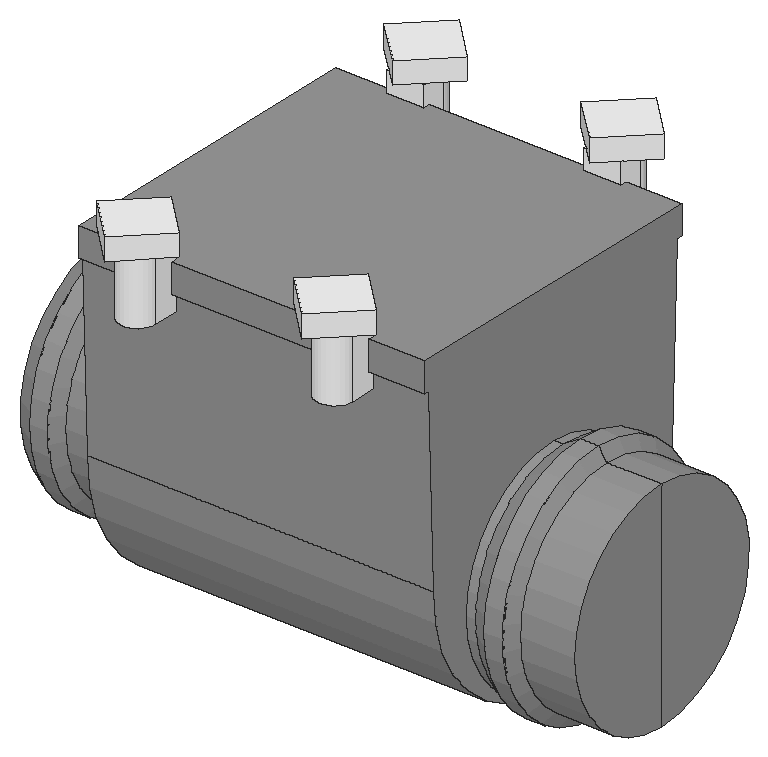
Revit family "HL_Механический канализационный затвор_HL710", category Příslušenství trubek, Revit 2016
Family settings
  Typ součásti = Zalomí se do
  Kóta kulaté spojky = Použít průměr
  Číslo OmniClass = 23.65.55.14.21
  Nadpis OmniClass = Non-Return Valves for Liquid Services
  Založené na pracovní rovině = Ne
  Vždy vertikální = Ano
  Ořezat dutým tvarem při načtení = Ne
  Sdílené = Ne
Parameters (values of type "HL_Механический канализационный затвор_HL710")
  РАЗМЕР = "DN110"
  ПРОПУСКНАЯ СПОСОБНОСТЬ [instance] = 0.0 m³/h
  ПРАВОВАЯ ИНФОРМАЦИЯ = "\"Авторские права(©), права на дизайн или какие либо другие права интелектуальной собственности являются исключительной собственностью компании HL Hutterer & Lechner. Изменению не подлежит. Файл семейства с данными о прозводителе изделия защищен паролем с водяным знаком.\""
  ПАДЕНИЕ ДАВЛЕНИЯ [instance] = 0.0 Pa
  НОМИНАЛЬНЫЙ ДИАМЕТР 2 = 110 mm
  НОМИНАЛЬНЫЙ ДИАМЕТР = 110 mm
  МАТЕРИАЛ = "ABS"
  ВЫСОТА МОНТАЖА = "220 mm"
  ВЕС = "1,556 kg"
  Výrobce = "HL Hutterer & Lechner GmbH"
  URL = "http://www.hutterer-lechner.com/ru/products/catalog/roof-drains/HL710.aspx"
  Popis = "Механический канализационный затвор"
  Model = "HL710"
  Komentáře k typům = "Механический канализационный затвор DN110 с заслонкой из нержавеющей стали"
  Keynote = "HL710"
  EAN = "9003076907106"
  Cena = 0
Types (2, lengths in mm): name | URL | Popis | Komentáře k typům
  (no name) | "http://www.hutterer-lechner.com/en/products/catalog/roof-drains/HL710.aspx" | "Anti flood valves" | "anti-flood valve DN110 with stainless steel flap"
  HL_Механический канализационный затвор_HL710 | "http://www.hutterer-lechner.com/ru/products/catalog/roof-drains/HL710.aspx" | "Механический канализационный затвор" | "Механический канализационный затвор DN110 с заслонкой из нержавеющей стали"
Values of the unnamed type that differ from the named types
  ПРАВОВАЯ ИНФОРМАЦИЯ = "\"Copyright (©), design rights or any other intellectual property rights, shall be the exclusive property of HL Hutterer & Lechner GmbH. Modification is not allowed. Family has been watermarked.\""
Reference planes
  plane 1 "Střed (vpředu/vzadu)": y = 0
  plane 2: z = 0
  plane 3 "Střed (vlevo/vpravo)": x = 0
Forms (mm)
  Sweep 1, solid, material "Plastic - Orange", detail levels fine
    path origin (99.75, 0, 0) x (1, 0, 0) y (0, 1, 0)
      loop
        line (94.75, 0) -> (-94.75, 0)
    profile origin (99.75, 0, 0) x (0, -1, 0) y (0, 0, 1)
      loop
        line (0, 123.14) -> (-88.191, 123.14) -> (-88.191, 107.14) -> (-85.007, 107.14) -> (-81.517, 7.201)
        arc (-81.517, 7.201) -> (-58.546, -51.791) -> (0, -75.877) r 80.412
        arc (0, -75.877) -> (58.546, -51.791) -> (81.517, 7.201) r 80.412
        line (81.517, 7.201) -> (85.007, 107.14) -> (88.191, 107.14) -> (88.191, 123.14) -> (0, 123.14)
  Extrusion 2, solid, material "Plactic - White", detail levels fine
    sketch origin (99.75, 0, 123.14) x (1, 0, 0) y (0, 1, 0)
      loop
        line (54, -121.127) -> (76.627, -98.5) -> (54, -75.873) -> (31.373, -98.5) -> (54, -121.127)
    from 11.235 to 23.235
  Extrusion 3, solid, material "Plactic - White", detail levels fine
    sketch origin (99.75, 0, 134.375) x (0, 1, 0) y (1, 0, 0)
      loop
        arc (-98.5, 64) -> (-108.5, 54) -> (-98.5, 44) r 10
        line (-98.5, 44) -> (-84.694, 44) -> (-84.694, 64) -> (-98.5, 64)
    from 0 to 37.235
  Extrusion 4, solid, material "Plactic - White", detail levels fine
    sketch origin (-8.25, 0, 123.14) x (1, 0, 0) y (0, 1, 0)
      loop
        line (54, -121.127) -> (76.627, -98.5) -> (54, -75.873) -> (31.373, -98.5) -> (54, -121.127)
    from 11.235 to 23.235
  Extrusion 5, solid, material "Plactic - White", detail levels fine
    sketch origin (-8.25, 0, 134.375) x (0, 1, 0) y (1, 0, 0)
      loop
        arc (-98.5, 64) -> (-108.5, 54) -> (-98.5, 44) r 10
        line (-98.5, 44) -> (-84.694, 44) -> (-84.694, 64) -> (-98.5, 64)
    from 0 to 37.235
  Extrusion 6, solid, material "Plactic - White", detail levels fine
    sketch origin (99.75, 0, 123.14) x (1, 0, 0) y (0, 1, 0)
      loop
        line (54, 121.127) -> (31.373, 98.5) -> (54, 75.873) -> (76.627, 98.5) -> (54, 121.127)
    from 11.235 to 23.235
  Extrusion 7, solid, material "Plactic - White", detail levels fine
    sketch origin (99.75, 0, 134.375) x (0, -1, 0) y (1, 0, 0)
      loop
        arc (-98.5, 64) -> (-108.5, 54) -> (-98.5, 44) r 10
        line (-98.5, 44) -> (-84.694, 44) -> (-84.694, 64) -> (-98.5, 64)
    from 0 to 37.235
  Extrusion 8, solid, material "Plactic - White", detail levels fine
    sketch origin (-8.25, 0, 123.14) x (1, 0, 0) y (0, 1, 0)
      loop
        line (54, 121.127) -> (31.373, 98.5) -> (54, 75.873) -> (76.627, 98.5) -> (54, 121.127)
    from 11.235 to 23.235
  Extrusion 9, solid, material "Plactic - White", detail levels fine
    sketch origin (-8.25, 0, 134.375) x (0, 1, 0) y (1, 0, 0)
      loop
        line (98.5, 64) -> (84.694, 64) -> (84.694, 44) -> (98.5, 44)
        arc (98.5, 44) -> (108.5, 54) -> (98.5, 64) r 10
    from 0 to 37.235
  Sweep 10, solid, material "Plastic - Orange", not visible, detail levels fine
    path origin (99.75, 0, 123.14) x (1, 0, 0) y (0, 0, 1)
      loop
        line (154.383, -137.5) -> (94.75, -137.5)
    profile origin (224.316, 0, -14.36) x (0, 0, -1) y (0, -1, 0)
      loop
        circle (0, 0) r 55
  Revolve 11, solid, material "Plastic - Orange", detail levels fine
    sketch origin (99.75, 0, 123.14) x (1, 0, 0) y (0, 0, 1)
      loop
        line (-149.117, -123.14) -> (-94.75, -123.14) -> (-94.75, -63.685) -> (-124.977, -63.685) -> (-129.134, -56.965) -> (-139.134, -56.965) -> (-149.117, -63.14) -> (-149.117, -123.14)
      axis (-94.75, -123.14) -> (-149.117, -123.14)
    angle from 0 to 360
  Revolve 12, solid, material "Plastic - Orange", detail levels fine
    sketch origin (348.883, 0, 108.78) x (1, 0, 0) y (0, 0, 1)
      loop
        line (-149.117, -123.14) -> (-94.75, -123.14) -> (-94.75, -63.685) -> (-124.977, -63.685) -> (-129.134, -56.965) -> (-139.134, -56.965) -> (-149.117, -63.14) -> (-154.383, -63.14) -> (-154.383, -123.14) -> (-149.117, -123.14)
      axis (-94.75, -123.14) -> (-154.383, -123.14)
    angle from 0 to 360
Cuts and joins
  joined: Extrusion 2, Extrusion 3
Lines and regions (mm)
  symbolic lines, style "Symbol", detail levels coarse+medium
    curve 1: line (254.133, 0, 0) -> (0, 0, 0)
    curve 2: line (252.066, -60, 0) -> (252.066, 60, 0)
    curve 3: line (2.066, -60, 0) -> (2.066, 60, 0)
    curve 4: line (2.066, 60, 0) -> (252.066, 60, 0)
    curve 9: line (127.066, -105, 0) -> (127.066, 105, 0)
    curve 10: line (2.066, -60, 0) -> (252.066, -60, 0)
  model lines, style "Symbol", detail levels coarse+medium
    curve 5: line (0, 0, 0) -> (254.133, 0, -13.319)
    curve 6: line (252.066, 0, -66.659) -> (252.066, 0, 53.341)
    curve 7: line (252.066, 0, 53.341) -> (2.066, 0, 53.341)
    curve 8: line (2.066, 0, -66.659) -> (2.066, 0, 53.341)
    curve 12: line (252.066, 0, -66.659) -> (2.066, 0, -66.659)
  model lines, detail levels coarse+medium
    curve 11: line (127.066, 0, -6.659) -> (127.066, 0, 98.341)
    curve 13: line (127.066, 0, -111.659) -> (127.066, 0, -6.659)
Dimensions and locks
  aligned and locked: level to plane 2
Connectors
  piping at (0, 0, 0), diameter 110, driven by "ПАДЕНИЕ ДАВЛЕНИЯ", driven by "НОМИНАЛЬНЫЙ ДИАМЕТР", driven by "ПРОПУСКНАЯ СПОСОБНОСТЬ"
    settings: on plane 3 "Střed (vlevo/vpravo)", index 1, connector inside diameter 609.6 mm, connector length 0 mm, flow factor 0, pipe flow 0.0 m³/h, pressure drop 0.0 Pa, fitting loss kfactor 0, connector angle 0.00°, fixture units 0, engagement length 0 mm, angle of deflection 0.00°, flow configuration 0, flow direction 0, fitting loss method 4, system type 16, joint type 0, gender type 0, connector reference index -1, connector utility 0, adjustable connector no, is connector primary yes, connector description ""
  piping at (254.133, 0, -14.36), diameter 110, driven by "НОМИНАЛЬНЫЙ ДИАМЕТР 2", driven by "ПРОПУСКНАЯ СПОСОБНОСТЬ"
    settings: on Sweep 10, index 2, connector inside diameter 609.6 mm, connector length 0 mm, flow factor 0, pipe flow 0.0 m³/h, pressure drop 0.0 Pa, fitting loss kfactor 0, connector angle 0.00°, fixture units 0, engagement length 0 mm, angle of deflection 0.00°, flow configuration 1, flow direction 2, fitting loss method 4, system type 16, joint type 0, gender type 0, connector reference index -1, connector utility 0, adjustable connector no, is connector primary no, connector description ""
